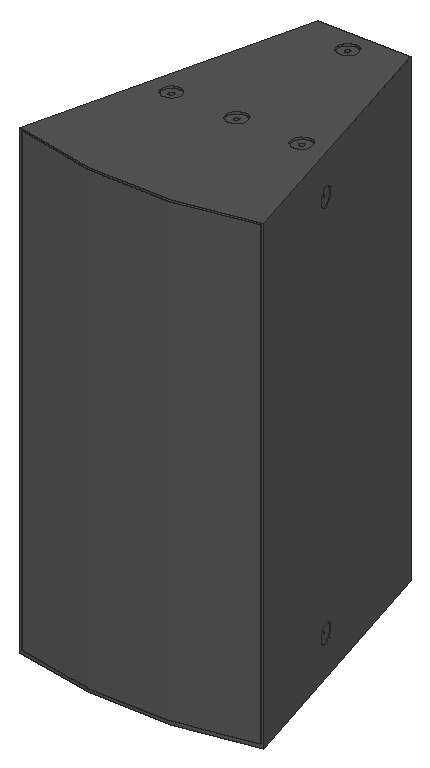
Revit family "1Electronics_Community-Point-Source_Biamp_Loudspeaker_IP6_1122", category Communication Devices, host Face, Revit 2020
Family settings
  Host = Face
  Maintain Annotation Orientation = No
  Round Connector Dimension = Use Diameter
  Part Type = Normal
  OmniClass Number = 23.85.10.11.14.14.14
  Cut with Voids When Loaded = No
  Shared = No
  Room Calculation Point = No
Parameters (values of type "Please download type catalogue!")
  Width = 1' - 2 1/2"  # constant formula
  Weight = 65.00 lbf  # constant formula
  URL = "https://www.biamp.com/"
  Transducers = "LF 1 x 12 (305mm) ferrite driver, 2.5 (64mm) voice coil, inherently\nweather resistant cone; HF 1 x 1.4 (36mm) exit, 3 (76mm) voice coil, hybrid titanium polyimide diaphragm, ferrite compression driver"  # constant formula
  Shipping Weight = 74.00 lbf  # constant formula
  Recommended Amplifiers = "LF - 500W - 1000W @ 8 ohms, (63V - 89V); HF - 75W - 150W @ 8 ohms (24V - 35V)"  # constant formula
  Product data url = "https://www.bimobject.com/biamp/product/ip6-1122_community-point-source"
  Product Page URL = "https://www.biamp.com/products/product-families/community/point-source#ip6-1122"
  Product Documentation Link = ""
  Operating Range = ""
  Operating Mode = "Passive or Biamp with DSP"  # constant formula
  Operating Environment = "Indoor"  # constant formula
  Nominal Sensitivity = ""
  Nominal Maximum SPL (Whole Space) = ""
  Nominal Beamwidth (H x V) = ""
  Mounting Points = "15"  # constant formula
  Model = ""
  Manufacturer = "Biamp"  # constant formula
  Input Connection = "Screw terminal blocks (6-position)"  # constant formula
  Housing Material = Biamp - Plastic - Black
  Height = 2' - 4"  # constant formula
  Gril Material = Biamp - Plastic - Black(Grid)
  Equalized Sensitivity = "1W: 93 dB - 2.83V: 93 dB"  # constant formula
  Equalized Maximum SPL = "Peak: 127 dB - Continuous: 121 dB"  # constant formula
  Environmental = "MIL-STD-810G"  # constant formula
  Description = "IP6-1122 Medium Power 12-Inch Two-Way Installation Loudspeaker"  # constant formula
  Depth = 1' - 5 179/256"  # constant formula
  Default Elevation = 4' - 0"
  Continuous Power Handling  Nominal Impedance = "LF - 63V, 500W @ 8 ohms (2000W peak); HF - 24V, 75W @ 8 ohms (300W peak)"  # constant formula
Reference planes (in)
  plane 1 "Center (Front/Back)": y = 0
  plane 2: z = 0
  plane 3 "Center (Left/Right)": x = 0
  plane 4: y = 9.59333
Forms (in)
  Extrusion 1, solid, material "Biamp - Plastic - Black" <- "Housing Material", detail levels medium+fine
    sketch origin (-0.18167, 0, 0) x (1, 0, 0) y (0, 1, 0)
      loop
        arc (-7.06833, -7.06343) -> (0.18169, -8.10731) -> (7.43167, -7.06315) r 25.69511
        line (7.43167, -7.06315) -> (2.85509, 9.59333) -> (-2.65672, 9.59333) -> (-7.06833, -7.06343)
    from 0 to 28
  Extrusion 2, void
    sketch origin (-0.18167, 0, 0) x (1, 0, 0) y (0, 1, 0)
      loop
        arc (-7.03253, -7.40021) -> (0.18317, -8.43251) -> (7.39841, -7.39704) r 25.69511
        line (7.39841, -7.39704) -> (7.23714, -6.81009)
        arc (7.23714, -6.81009) -> (0.18048, -7.80579) -> (-6.87613, -6.80968) r 25.49826
        line (-6.87613, -6.80968) -> (-7.03253, -7.40021)
    from 0.19685 to 27.90157
  Extrusion 3, void
    sketch origin (0, 0, 0) x (1, 0, 0) y (0, 1, 0)
      loop
        circle (-3.88574, 0) r 0.59055
      loop
        circle (0, 0) r 0.59055
      loop
        circle (3.88574, 0) r 0.59055
      loop
        circle (0, 8.26772) r 0.59055
    from 28 to 27.90157
  Extrusion 4, void
    sketch origin (0, 0, 0) x (1, 0, 0) y (0, 1, 0)
      loop
        circle (-3.88574, 0) r 0.15748
      loop
        circle (0, 0) r 0.15748
      loop
        circle (3.88574, 0) r 0.15748
      loop
        circle (0, 8.26772) r 0.15748
    from 28 to 27.80315
  Extrusion 5, void
    sketch origin (3.07614, 8.12764, -0.11969) x (-0.264943, 0.964264, 0) y (0, 0, -1)
      loop
        circle (-8.43473, -2.47439) r 0.59055
      loop
        circle (-8.43473, -25.76499) r 0.59055
    from 0 to 0.09843
  Extrusion 6, void
    sketch origin (3.07614, 8.12764, -0.11969) x (-0.264943, 0.964264, 0) y (0, 0, -1)
      loop
        circle (-8.43473, -2.47439) r 0.15748
      loop
        circle (-8.43473, -25.76499) r 0.15748
    from 0.09843 to 0.19685
  Extrusion 7, void
    sketch origin (-7.58107, -8.31343, -0.01138) x (-0.256027, -0.96667, 0) y (0, 0, -1)
      loop
        circle (-8.58908, -2.3454) r 0.59055
      loop
        circle (-8.58908, -25.67736) r 0.59055
    from 0 to 0.09843
  Extrusion 8, void
    sketch origin (-7.58107, -8.31343, -0.01138) x (-0.256027, -0.96667, 0) y (0, 0, -1)
      loop
        circle (-8.58908, -2.3454) r 0.15748
      loop
        circle (-8.58908, -25.67736) r 0.15748
    from 0.09843 to 0.19685
  Extrusion 9, solid, material "Biamp - Plastic - Black(Grid)" <- "Gril Material", detail levels medium+fine
    sketch origin (-0.28086, 0, 0) x (1, 0, 0) y (0, 1, 0)
      loop
        line (-6.7769, -6.80956) -> (-6.85307, -7.09713)
        arc (-6.85307, -7.09713) -> (0.28105, -8.10731) -> (7.41516, -7.09702) r 25.69511
        line (7.41516, -7.09702) -> (7.33636, -6.81021)
        arc (7.33636, -6.81021) -> (0.27968, -7.80579) -> (-6.7769, -6.80956) r 25.49826
    from 0.19685 to 27.90157
  Extrusion 10, void
    sketch origin (-2.65672, 9.59333, 0) x (-1, 0, 0) y (0, 0, -1)
      loop
        circle (-2.65672, -14.34419) r 0.59055
      loop
        circle (-2.65672, -25.60803) r 0.59055
      loop
        circle (-2.65672, -2.39197) r 0.59055
    from 0 to 0.09843
  Extrusion 11, void
    sketch origin (-2.65672, 9.59333, 0) x (-1, 0, 0) y (0, 0, -1)
      loop
        circle (-2.65672, -14.34419) r 0.15748
      loop
        circle (-2.65672, -25.60803) r 0.15748
      loop
        circle (-2.65672, -2.39197) r 0.15748
    from 0 to 0.19685
  Extrusion 12, void
    sketch origin (-2.65672, 9.59333, 0) x (-1, 0, 0) y (0, 0, -1)
      loop
        line (-4.83035, -12.09383) -> (-0.49964, -12.09383) -> (-0.49964, -5.00722) -> (-4.83035, -5.00722) -> (-4.83035, -12.09383)
    from 0 to 0.19685
  Extrusion 13, solid, material "Biamp - Plastic - Black" <- "Housing Material", detail levels medium+fine
    sketch origin (-2.65672, 9.59333, 0) x (1, 0, 0) y (0, 0, -1)
      loop
        line (0.49964, -12.09383) -> (4.83035, -12.09383) -> (4.83035, -5.00722) -> (0.49964, -5.00722) -> (0.49964, -12.09383)
    from 0 to -0.19685
  Extrusion 14, solid, material "Biamp - Plastic - Black" <- "Housing Material", detail levels coarse
    sketch origin (-0.18167, 0, 0) x (1, 0, 0) y (0, 1, 0)
      loop
        line (-2.65672, 9.59333) -> (-7.06833, -7.06343)
        arc (-7.06833, -7.06343) -> (0.18169, -8.10731) -> (7.43167, -7.06315) r 25.69511
        line (7.43167, -7.06315) -> (2.85509, 9.59333) -> (-2.65672, 9.59333)
    from 0 to 28
  Extrusion 15, solid, material "Biamp - Plastic - Black" <- "Housing Material", detail levels medium+fine
    sketch origin (-2.65672, 9.59333, 0) x (1, 0, 0) y (0, 0, -1)
      loop
        line (4.46661, -11.73413) -> (4.46661, -11.23413) -> (3.96661, -11.23413) -> (3.96661, -11.73413) -> (4.46661, -11.73413)
    from 0 to 0.00716
  Extrusion 16, solid, material "Biamp - Plastic - Black" <- "Housing Material", detail levels medium+fine
    sketch origin (-3.77108, 9.59333, -1) x (1, 0, 0) y (0, 0, -1)
      loop
        line (4.46661, -11.73413) -> (4.46661, -11.23413) -> (3.96661, -11.23413) -> (3.96661, -11.73413) -> (4.46661, -11.73413)
    from 0 to 0.00716
  Extrusion 17, solid, material "Biamp - Plastic - Black" <- "Housing Material", detail levels medium+fine
    sketch origin (-2.65672, 9.59333, -1) x (1, 0, 0) y (0, 0, -1)
      loop
        line (4.46661, -11.73413) -> (4.46661, -11.23413) -> (3.96661, -11.23413) -> (3.96661, -11.73413) -> (4.46661, -11.73413)
    from 0 to 0.00716
Cuts and joins
  Extrusion 2, Extrusion 3, Extrusion 4, Extrusion 5, Extrusion 6, Extrusion 7, Extrusion 8, Extrusion 10, Extrusion 11, Extrusion 12 cuts Extrusion 1
Lines and regions (in)
  Masking region 1
    outline origin (-0.18167, 0, 0) x (1, 0, 0) y (0, 1, 0)
      loop
        line (-2.65672, 9.59333) -> (-7.06833, -7.06343)
        arc (-7.06833, -7.06343) -> (0.18169, -8.10731) -> (7.43167, -7.06315) r 25.69511
        line (7.43167, -7.06315) -> (2.85509, 9.59333) -> (-2.65672, 9.59333)
  Masking region 2
    outline origin (0, 0, 0) x (1, 0, 0) y (0, 0, 1)
      loop
        line (-7.2255, 28) -> (-7.2255, 0) -> (7.58792, 0) -> (7.58792, 28) -> (-7.2255, 28)
  Masking region 3, detail levels medium+fine
    outline origin (0, 0, 0) x (1, 0, 0) y (0, 0, 1)
      loop
        line (-7.03679, 27.90157) -> (-7.03679, 0.19685) -> (7.39921, 0.19685) -> (7.39921, 27.90157) -> (-7.03679, 27.90157)
  Masking region 4
    outline origin (0, 0, 0) x (0, 1, 0) y (0, 0, 1)
      loop
        line (9.59333, 28) -> (-6.91199, 28) -> (-6.91199, 0) -> (9.59333, 0) -> (9.59333, 28)
  Masking region 5
    outline origin (0, 0, 0) x (0, 1, 0) y (0, 0, 1)
      loop
        line (-6.91199, 28) -> (-8.00264, 28) -> (-8.00264, 0) -> (-6.91199, 0) -> (-6.91199, 28)
  symbolic lines
    curve 1: line (7.39921, 0, 28) -> (-6.98068, 0, 28)
  symbolic lines, detail levels medium+fine
    curve 2: arc (-0.59055, 8.26772, 0) -> (0, 7.67717, 0) -> (0.59055, 8.26772, 0) r 0.59055
    curve 3: arc (0.59055, 8.26772, 0) -> (0, 8.85827, 0) -> (-0.59055, 8.26772, 0) r 0.59055
    curve 4: arc (-0.59055, 0, 0) -> (0, -0.59055, 0) -> (0.59055, 0, 0) r 0.59055
    curve 5: arc (0.59055, 0, 0) -> (0, 0.59055, 0) -> (-0.59055, 0, 0) r 0.59055
    curve 6: arc (-3.29519, 0, 0) -> (-3.88574, 0.59055, 0) -> (-4.47629, 0, 0) r 0.59055
    curve 7: arc (-4.47629, 0, 0) -> (-3.88574, -0.59055, 0) -> (-3.29519, 0, 0) r 0.59055
    curve 8: arc (3.29519, 0, 0) -> (3.88574, -0.59055, 0) -> (4.47629, 0, 0) r 0.59055
    curve 9: arc (4.47629, 0, 0) -> (3.88574, 0.59055, 0) -> (3.29519, 0, 0) r 0.59055
    curve 10: arc (-0.15748, 0, 0) -> (0, -0.15748, 0) -> (0.15748, 0, 0) r 0.15748
    curve 11: arc (0.15748, 0, 0) -> (0, 0.15748, 0) -> (-0.15748, 0, 0) r 0.15748
    curve 12: arc (-4.04322, 0, 0) -> (-3.88574, -0.15748, 0) -> (-3.72826, 0, 0) r 0.15748
    curve 13: arc (-3.72826, 0, 0) -> (-3.88574, 0.15748, 0) -> (-4.04322, 0, 0) r 0.15748
    curve 14: arc (4.04322, 0, 0) -> (3.88574, 0.15748, 0) -> (3.72826, 0, 0) r 0.15748
    curve 15: arc (3.72826, 0, 0) -> (3.88574, -0.15748, 0) -> (4.04322, 0, 0) r 0.15748
    curve 16: arc (0.15748, 8.26772, 0) -> (0, 8.4252, 0) -> (-0.15748, 8.26772, 0) r 0.15748
    curve 17: arc (-0.15748, 8.26772, 0) -> (0, 8.11024, 0) -> (0.15748, 8.26772, 0) r 0.15748
    curve 18: spline (0, -0.55086, 25.66598) -> (0, -0.53146, 25.51313) -> (0, -0.4746, 25.37071) -> (0, -0.38416, 25.2484) -> (0, -0.26628, 25.15455) -> (0, -0.12901, 25.09555) -> (0, 0.01829, 25.07543) -> (0, 0.1656, 25.09555) -> (0, 0.30287, 25.15455) -> (0, 0.42074, 25.2484) -> (0, 0.51119, 25.37071) -> (0, 0.56805, 25.51313) -> (0, 0.58744, 25.66598)
    curve 19: spline (0, 0.58744, 25.66598) -> (0, 0.56805, 25.81883) -> (0, 0.51119, 25.96126) -> (0, 0.42074, 26.08356) -> (0, 0.30287, 26.17741) -> (0, 0.1656, 26.23641) -> (0, 0.01829, 26.25653) -> (0, -0.12901, 26.23641) -> (0, -0.26628, 26.17741) -> (0, -0.38416, 26.08356) -> (0, -0.4746, 25.96126) -> (0, -0.53146, 25.81883) -> (0, -0.55086, 25.66598)
    curve 20: spline (0, 0.14381, 25.66598) -> (0, 0.13864, 25.70674) -> (0, 0.12347, 25.74472) -> (0, 0.09936, 25.77734) -> (0, 0.06792, 25.80236) -> (0, 0.03132, 25.81809) -> (0, -0.00796, 25.82346) -> (0, -0.04725, 25.81809) -> (0, -0.08385, 25.80236) -> (0, -0.11528, 25.77734) -> (0, -0.1394, 25.74472) -> (0, -0.15457, 25.70674) -> (0, -0.15974, 25.66598)
    curve 21: spline (0, -0.15974, 25.66598) -> (0, -0.15457, 25.62522) -> (0, -0.1394, 25.58724) -> (0, -0.11528, 25.55463) -> (0, -0.08385, 25.5296) -> (0, -0.04725, 25.51387) -> (0, -0.00796, 25.5085) -> (0, 0.03132, 25.51387) -> (0, 0.06792, 25.5296) -> (0, 0.09936, 25.55463) -> (0, 0.12347, 25.58724) -> (0, 0.13864, 25.62522) -> (0, 0.14381, 25.66598)
    curve 22: spline (0, -0.55086, 2.33402) -> (0, -0.53146, 2.48687) -> (0, -0.4746, 2.62929) -> (0, -0.38416, 2.7516) -> (0, -0.26628, 2.84545) -> (0, -0.12901, 2.90445) -> (0, 0.01829, 2.92457) -> (0, 0.1656, 2.90445) -> (0, 0.30287, 2.84545) -> (0, 0.42074, 2.7516) -> (0, 0.51119, 2.62929) -> (0, 0.56805, 2.48687) -> (0, 0.58744, 2.33402)
    curve 23: spline (0, 0.58744, 2.33402) -> (0, 0.56805, 2.18117) -> (0, 0.51119, 2.03874) -> (0, 0.42074, 1.91644) -> (0, 0.30287, 1.82259) -> (0, 0.1656, 1.76359) -> (0, 0.01829, 1.74347) -> (0, -0.12901, 1.76359) -> (0, -0.26628, 1.82259) -> (0, -0.38416, 1.91644) -> (0, -0.4746, 2.03874) -> (0, -0.53146, 2.18117) -> (0, -0.55086, 2.33402)
    curve 24: spline (0, 0.14381, 2.33402) -> (0, 0.13864, 2.29326) -> (0, 0.12347, 2.25528) -> (0, 0.09936, 2.22266) -> (0, 0.06792, 2.19764) -> (0, 0.03132, 2.18191) -> (0, -0.00796, 2.17654) -> (0, -0.04725, 2.18191) -> (0, -0.08385, 2.19764) -> (0, -0.11528, 2.22266) -> (0, -0.1394, 2.25528) -> (0, -0.15457, 2.29326) -> (0, -0.15974, 2.33402)
    curve 25: spline (0, -0.15974, 2.33402) -> (0, -0.15457, 2.37478) -> (0, -0.1394, 2.41276) -> (0, -0.11528, 2.44537) -> (0, -0.08385, 2.4704) -> (0, -0.04725, 2.48613) -> (0, -0.00796, 2.4915) -> (0, 0.03132, 2.48613) -> (0, 0.06792, 2.4704) -> (0, 0.09936, 2.44537) -> (0, 0.12347, 2.41276) -> (0, 0.13864, 2.37478) -> (0, 0.14381, 2.33402)
Dimensions and locks (in)
  aligned and locked: plane 2 to host face
  aligned and locked: level to host face
Connectors (in)
  electrical at (1.55989, 9.60048, 11.48413)
    settings: on Extrusion 15, index 1, voltage 69 V, apparent load 0 VA, apparent load phase1 2400 VA, apparent load phase2 0 VA, apparent load phase3 0 VA, power factor 1, load classification "Other", number of poles 1, system type 5, power factor state 1, is connector primary yes, connector utility no, sub classification motor no, connector description "Screw terminal blocks; Passive input"
  electrical at (0.44553, 9.60048, 10.48413)
    settings: on Extrusion 16, index 2, voltage 0 V, apparent load 0 VA, apparent load phase1 0 VA, apparent load phase2 0 VA, apparent load phase3 0 VA, power factor 1, load classification "Other", number of poles 1, system type 5, power factor state 1, is connector primary no, connector utility no, sub classification motor no, connector description "Screw terminal blocks; Biamp input"
  electrical at (1.55989, 9.60048, 10.48413)
    settings: on Extrusion 17, index 3, voltage 69 V, apparent load 0 VA, apparent load phase1 2400 VA, apparent load phase2 0 VA, apparent load phase3 0 VA, power factor 1, load classification "Other", number of poles 1, system type 5, power factor state 1, is connector primary no, connector utility no, sub classification motor no, connector description "Screw terminal blocks; Passive thru"
